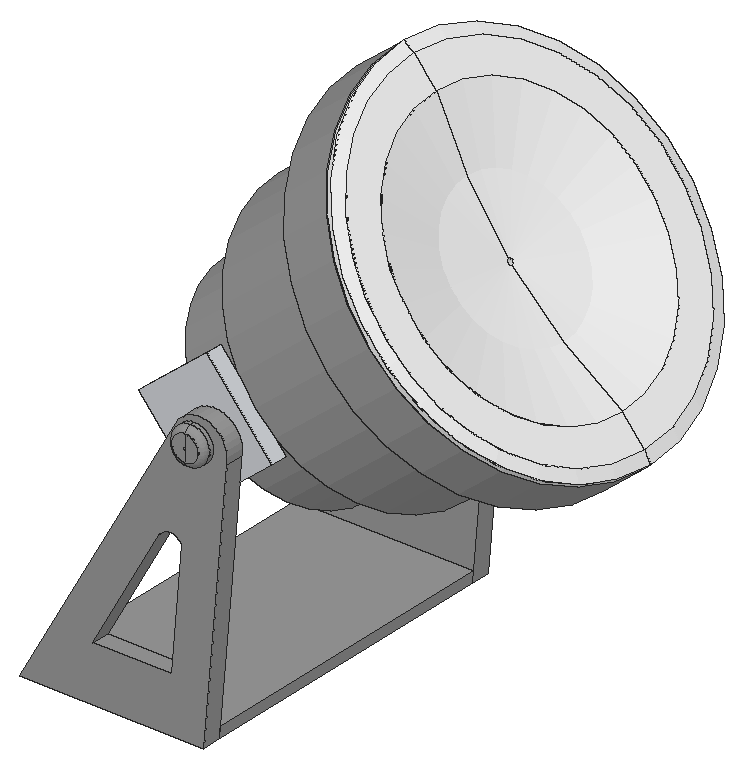
Revit family "Lighting_Outside_L&L-Luce&Light_Moby-P-1.1", category Lighting Fixtures, host Face, Revit 2020
Family settings
  Host = Face
  Round Connector Dimension = Use Diameter
  Part Type = Normal
  Cut with Voids When Loaded = No
  Light Source = No
  Shared = No
  Room Calculation Point = No
Parameters (values of type "MOBY P 1.1 W RGBW 9W 24Vdc")
  Nominal width = "Ø105 mm"
  Nominal height = "118 mm"
  Luce-Light_lumen-output-at-source = "507 lm (3000K),  RGBW: 295 lm, R: 47 lm G: 85 lm B: 24 lm W: 139 lm (4000K),  cyan: 260 lm"
  Luce-Light_Total_flow_rate = "359 lm (3000K, 34°);  RGBW: 208 lm, R: 33 lm, G: 61 lm, B: 16 lm, W: 98 lm (4000K, 34°);  cyan: 184 lm (34°)"
  Luce-Light_Screen_material = "glass cover with vitrified serigraphy"
  Luce-Light_Rated_power_input = ""
  Luce-Light_Power_Class = "24Vdc"
  Luce-Light_Power = "9W"
  Luce-Light_Optical_assembly = "22°, 34°, 62°, 31°x64°"
  Luce-Light_Note = ""
  Luce-Light_Mounting = "surface mounted (wall, floor), max depth 10 m"
  Luce-Light_LED_light_sources = "1 power LED group, RGBW: 1 power LED RGBW group, Cyan: 1 power LED Cyan group"
  Luce-Light_LED_light_intensity = ""
  Luce-Light_LED_colour = "2700K, 3000K, 4000K, RGBW, shades of cyan"
  Luce-Light_IP = "68"
  Luce-Light_IK = "10"
  Luce-Light_Finishes_material = ""
  Luce-Light_Color_Rendering_Index_CRI = "≥80"
  Luce-Light_Classification = "CE"
  Luce-Light_Body_material = "body in thermally conductive plastic, bracket in AISI 316L stainless steel"
  Luce-Light_Applications = "underwater"
  Luce-Light_Accessories = "honeycomb louvre"
  Bracket = L&L Luce&Light - AISI 316L stainless steel
  Cover = L&L Luce&Light - Glass
  Youtube clip = ""
  Uniformat II Description = ""
  Uniformat II Code = ""
  Uniclass 2015 Name = ""
  Uniclass 2015 Code = ""
  Uniclass 2.0 Description = ""
  Uniclass 2.0 Code = ""
  Uniclass 1.4 Description = ""
  Uniclass 1.4 Code = ""
  URL = "https://www.lucelight.it/en/"
  UNSPSC Code = ""
  Technical description = "https://www.lucelight.it/media/prodotti/st/ST_MOBY_P_11.pdf"
  Rotation Light [instance] = 40.00°
  Region South America = "AR, BO, BR, CL, CO, EC, FK, GF, GY, PE, PY, SR, UY, VE"
  Region Oceania = "AS, AU, CK, FJ, FM, GU, KI, MH, MP, NC, NF, NR, NU, NZ, PF, PG, PN, PW, SB, TK, TL, TO, TV, UM, WF, WS, VU"
  Region North America = "AG, AI, AW, BB, BL, BM, BQ, BS, BZ, CA, CR, CU, CW, DM, DO, GD, GL, GP, GT, HN, HT, JM, KN, KY, LC, MF, MQ, MS, MX, NI, PA, PM, PR, SV, SX, TC, TT, US, VC, VG, VI"
  Region Middle East = "AE, AF, BH, EG, IL, IQ, IR, JO, KW, LB, OM, PS, QA, SA, SY, TR, YE"
  Region Europe = "AD, AL, AT, AX, BA, BE, BG, BY, CH, CY, CZ, DE, DK, EE, ES, FI, FO, FR, GB, GG, GI, GR, HR, HU, IE, IM, IS, IT, JE, LI, LT, LU, LV, MC, MD, ME, MK, MT, NL, NO, PL, PT, RO, RS, RU, SE, SI, SJ, SK, SM, UA, VA"
  Region Asia = "AM, AZ, BD, BN, BT, CC, CN, CX, GE, HK, ID, IN, IO, JP, KG, KH, KP, KR, KZ, LA, LK, MM, MN, MO, MV, MY, NP, PH, PK, SG, TH, TJ, TM, TW, UZ, VN"
  Region Antarctica = "None"
  Region Africa = "AO, BF, BI, BJ, BW, CD, CF, CG, CI, CM, CV, DJ, DZ, EH, ER, ET, GA, GH, GM, GN, GQ, GW, KE, KM, LR, LS, LY, MA, MG, ML, MR, MU, MW, MZ, NA, NE, NG, RE, RW, SC, SD, SH, SL, SN, SO, SS, ST, SZ, TD, TG, TN, TZ, UG, YT, ZA, ZM, ZW"
  QR code = "http://bimobject.com/luce-and-light/product/Moby_P_11"
  Product url = "https://www.lucelight.it/en/prodotto.php/7632"
  Product group = "Projector"
  Product family = "Underwater"
  Product data url = "https://bimobject.com/luce-and-light/product/Moby_P_11"
  Product certification = ""
  Product SKU = "Moby_P_11"
  Product Guid = "62000cf3-46c4-4f47-8d59-c0930efea598"
  OmniClass Description = ""
  OmniClass Code = ""
  NBS Reference Description = ""
  NBS Reference Code = ""
  Masterformat 2014 Description = ""
  Masterformat 2014 Code = ""
  Manufacturer name = "L&L Luce&Light"
  Manufacturer country = "Italy"
  Installation instructions = "https://www.lucelight.it/media/prodotti/si/DPRPMO311_Moby_P_10-11-20-21-30-31.pdf"
  IFC Classification = ""
  GTIN code = ""
  Edition number = 1
  Design country = "Italy"
  Default Elevation = 1219.2 mm
  Manufacturer = "L&L Luce&Light"
  Model = "Moby P 1.1"
  Lamp = ""
  Diametro apparecchio = 157 mm
  Description = ""
  Wattage Comments = ""
  Date of publishing = "12/19/2018"
  built-in parameter 1114216 [instance] = (empty or 0)
  COBIe Type Category = ""
  BIMobject main category code = "lighting"
  BIMobject main category = "Lighting"
  BIMobject category code = "lighting-outside"
  BIMobject category = "Outside"
  Assembly Code = ""
  Apparent Load = 0 VA
  Material = L&L Luce&Light - Thermally conductive plastic
Types (20): name
  MOBY P 1.1 L 2700K 9W 24Vdc
  MOBY P 1.1 L 3000K 9W 24Vdc
  MOBY P 1.1 L 4000K 9W 24Vdc
  MOBY P 1.1 L CYAN 9W 24Vdc
  MOBY P 1.1 L RGBW 9W 24Vdc
  MOBY P 1.1 M 2700K 9W 24Vdc
  MOBY P 1.1 M 3000K 9W 24Vdc
  MOBY P 1.1 M 4000K 9W 24Vdc
  MOBY P 1.1 M CYAN 9W 24Vdc
  MOBY P 1.1 M RGBW 9W 24Vdc
  MOBY P 1.1 S 2700K 9W 24Vdc
  MOBY P 1.1 S 3000K 9W 24Vdc
  MOBY P 1.1 S 4000K 9W 24Vdc
  MOBY P 1.1 S CYAN 9W 24Vdc
  MOBY P 1.1 S RGBW 9W 24Vdc
  MOBY P 1.1 W 2700K 9W 24Vdc
  MOBY P 1.1 W 3000K 9W 24Vdc
  MOBY P 1.1 W 4000K 9W 24Vdc
  MOBY P 1.1 W CYAN 9W 24Vdc
  MOBY P 1.1 W RGBW 9W 24Vdc
Reference planes
  plane 1 "Centro (Fronte/Retro)": y = 0
  plane 2: z = 0
  plane 3 "Centro (Sinistra/Destra)": x = 0
  plane 4: z = 73.152
Forms (mm)
  Extrusion 1, solid, material "L&L Luce&Light - AISI 316L stainless steel" <- "Bracket"
    sketch origin (-0.279, 0, 0) x (1, 0, 0) y (0, 0, 1)
      loop
        line (-47.116, 0) -> (2.701, 0) -> (8.918, 71.068)
        arc (8.918, 71.068) -> (4.89, 79.391) -> (-4.16, 77.495) r 7.509
        line (-4.16, 77.495) -> (-47.116, 0)
      loop
        line (-9.163, 47.843) -> (-27.368, 15) -> (-6.025, 15) -> (-3.197, 47.321)
        arc (-3.197, 47.321) -> (-6.026, 49.345) -> (-9.163, 47.843) r 3.418
      loop
        circle (0.709, 73.154) r 4.106
    from 44.052 to 49.052
  Extrusion 2, solid, material "L&L Luce&Light - AISI 316L stainless steel" <- "Bracket"
    sketch origin (-0.279, 0, 0) x (1, 0, 0) y (0, 0, 1)
      loop
        line (-47.116, 0) -> (2.701, 0) -> (8.918, 71.068)
        arc (8.918, 71.068) -> (4.89, 79.391) -> (-4.16, 77.495) r 7.509
        line (-4.16, 77.495) -> (-47.116, 0)
      loop
        circle (0.709, 73.154) r 4.106
      loop
        line (-6.025, 15) -> (-3.197, 47.321)
        arc (-3.197, 47.321) -> (-6.026, 49.345) -> (-9.163, 47.843) r 3.418
        line (-9.163, 47.843) -> (-27.368, 15) -> (-6.025, 15)
    from -47.246 to -42.246
  Extrusion 3, solid, material "L&L Luce&Light - AISI 316L stainless steel" <- "Bracket"
    sketch origin (-1.871, 0, 0) x (1, 0, 0) y (0, 0, 1)
      loop
        line (4.292, 0) -> (4.568, 3.152) -> (-43.777, 3.152) -> (-45.525, 0) -> (4.292, 0)
    from -42.246 to 44.052
  Revolve 4, solid, material "Acciaio, qualità superiore"
    sketch origin (0, 0, 73.152) x (0.766044, 0, 0.642788) y (-0.642788, 0, 0.766044)
      loop
        line (-14.395, 30) -> (-14.395, 5) -> (49.868, 5)
        arc (49.868, 5) -> (52.221, 24.706) -> (64.868, 40) r 35.165
        line (64.868, 40) -> (64.868, 52) -> (49.868, 52) -> (49.868, 40) -> (12, 40) -> (12, 30) -> (-14.395, 30)
      axis (64.868, 0) -> (-14.395, 0)
    angle from 0 to 360
  Revolve 5, solid, material "L&L Luce&Light - Glass" <- "Cover"
    sketch origin (-11.589, 0, 63.428) x (0.766044, 0, 0.642788) y (-0.642788, 0, 0.766044)
      loop
        line (80, 52) -> (80, 40)
        arc (80, 40) -> (74.706, 20.719) -> (72.265, 0.874) r 137.461
        line (72.265, 0.874) -> (75.496, 0.874)
        arc (75.496, 0.874) -> (77.394, 20.41) -> (82.429, 39.381) r 120.884
        line (82.429, 39.381) -> (82.429, 48.668) -> (81.536, 52) -> (80, 52)
      axis (72.265, 0) -> (82.429, 0)
    angle from 0 to 360
  Revolve 6, solid, material "L&L Luce&Light - AISI 316L stainless steel" <- "Bracket"
    sketch origin (0, 0, 0.171) x (0, 1, 0) y (0, 0, 1)
      loop
        line (47.246, 78.149) -> (47.246, 73.466) -> (50.444, 73.466) -> (50.444, 76.723)
        arc (50.444, 76.723) -> (49.65, 77.757) -> (48.407, 78.149) r 2.168
        line (48.407, 78.149) -> (47.246, 78.149)
      axis (47.246, 73.152) -> (50.444, 73.152)
    angle from 0 to 360
  Revolve 7, solid, material "L&L Luce&Light - AISI 316L stainless steel" <- "Bracket"
    sketch origin (0, -1.845, 0.171) x (0, -1, 0) y (0, 0, 1)
      loop
        line (47.246, 78.149) -> (47.246, 73.466) -> (50.444, 73.466) -> (50.444, 76.723)
        arc (50.444, 76.723) -> (49.65, 77.757) -> (48.407, 78.149) r 2.168
        line (48.407, 78.149) -> (47.246, 78.149)
      axis (47.246, 73.152) -> (50.444, 73.152)
    angle from 0 to 360
  Extrusion 8, solid
    sketch origin (0, 0, 73.152) x (0.766044, 0, 0.642788) y (-0.642788, 0, 0.766044)
      loop
        line (12, 15.421) -> (-12, 15.421) -> (-12, -12) -> (12, -12) -> (12, 15.421)
    from 39.367 to 44.052
  Extrusion 9, solid
    sketch origin (0, 0, 73.152) x (0.766044, 0, 0.642788) y (-0.642788, 0, 0.766044)
      loop
        line (12, 15.421) -> (-12, 15.421) -> (-12, -12) -> (12, -12) -> (12, 15.421)
    from -42.246 to -38.155
Lines and regions (mm)
  reference lines
    curve 1: line (0, 0, 73.152) -> (61.284, 0, 124.575)
Dimensions and locks
  Extrusion 1 to Extrusion 2 = 86.298 mm
  locked: Extrusion 2 to Extrusion 2 at 5
  locked: Extrusion 1 to Extrusion 1 at 5
  locked: plane 4 to host face at 73.152
  "Rotation Light": angle plane 4 to curve 1
  aligned and locked: plane 2 to host face
  aligned and locked: level to host face
  aligned and locked: Extrusion 3 to Extrusion 2
  aligned and locked: Extrusion 3 to Extrusion 1
  aligned and locked: plane 4 to curve 1
  aligned and locked: plane 3 "Centro (Sinistra/Destra)" to curve 1
Automatic sketch dimensions
  host sketch curve to host sketch curve = 2438.4 mm  (x2)
  Extrusion 1 sketch curve to Extrusion 1 sketch curve = 0 mm  (x2)
  Extrusion 1 sketch curve to level = 0 mm
  Extrusion 1 sketch curve to plane 3 "Centro (Sinistra/Destra)" = 47.395 mm
  Extrusion 1 sketch curve to Extrusion 1 sketch curve = 19.748 mm
  Extrusion 1 sketch curve to plane 3 "Centro (Sinistra/Destra)" = 9.442 mm
  Extrusion 1 sketch curve to Extrusion 1 sketch curve = 2.839 mm
  Extrusion 1 sketch curve to plane 3 "Centro (Sinistra/Destra)" = 6.304 mm
  Extrusion 1 sketch curve to plane 3 "Centro (Sinistra/Destra)" = 4.439 mm
  Extrusion 1 sketch curve to Extrusion 1 sketch curve = 3.126 mm
  plane 4 to Extrusion 1 sketch curve = 0.002 mm
  plane 3 "Centro (Sinistra/Destra)" to Extrusion 1 sketch curve = 0.43 mm
  Extrusion 1 sketch curve to plane 4 = 0.501 mm
  Extrusion 1 sketch curve to Extrusion 1 sketch curve = 0.869 mm
  plane 3 "Centro (Sinistra/Destra)" to Extrusion 1 sketch curve = 2.422 mm
  Extrusion 1 sketch curve to plane 4 = 2.084 mm
  Extrusion 1 sketch curve to Extrusion 1 sketch curve = 7.34 mm
  level to Extrusion 1 sketch curve = 15 mm
  Extrusion 1 sketch curve to plane 4 = 27.213 mm
  Extrusion 1 sketch curve to Extrusion 1 sketch curve = 1.382 mm
  Extrusion 1 sketch curve to plane 3 "Centro (Sinistra/Destra)" = 3.676 mm
  Extrusion 2 sketch curve to level = 0 mm
  Extrusion 2 sketch curve to plane 3 "Centro (Sinistra/Destra)" = 47.395 mm
  Extrusion 2 sketch curve to Extrusion 2 sketch curve = 19.748 mm
  Extrusion 2 sketch curve to plane 3 "Centro (Sinistra/Destra)" = 9.442 mm
  Extrusion 2 sketch curve to Extrusion 2 sketch curve = 2.839 mm
  Extrusion 2 sketch curve to plane 3 "Centro (Sinistra/Destra)" = 6.304 mm
  Extrusion 2 sketch curve to plane 3 "Centro (Sinistra/Destra)" = 4.439 mm
  Extrusion 2 sketch curve to Extrusion 2 sketch curve = 3.126 mm
  plane 4 to Extrusion 2 sketch curve = 0.002 mm
  plane 3 "Centro (Sinistra/Destra)" to Extrusion 2 sketch curve = 0.43 mm
  Extrusion 2 sketch curve to plane 4 = 0.501 mm
  Extrusion 2 sketch curve to Extrusion 2 sketch curve = 0.869 mm
  plane 3 "Centro (Sinistra/Destra)" to Extrusion 2 sketch curve = 2.422 mm
  Extrusion 2 sketch curve to plane 4 = 2.084 mm
  Extrusion 2 sketch curve to Extrusion 2 sketch curve = 7.34 mm
  level to Extrusion 2 sketch curve = 15 mm
  Extrusion 2 sketch curve to plane 4 = 27.213 mm
  Extrusion 2 sketch curve to Extrusion 2 sketch curve = 1.382 mm
  Extrusion 3 sketch curve to level = 0 mm
  Extrusion 3 sketch curve to plane 3 "Centro (Sinistra/Destra)" = 47.395 mm
  level to Extrusion 3 sketch curve = 3.152 mm
  Extrusion 3 sketch curve to Extrusion 3 sketch curve = 1.747 mm
  plane 3 "Centro (Sinistra/Destra)" to Extrusion 3 sketch curve = 2.422 mm
  plane 3 "Centro (Sinistra/Destra)" to Extrusion 3 sketch curve = 2.698 mm
  curve 1 to Revolve 5 sketch curve = 0 mm
  Revolve 5 sketch curve to curve 1 = 15.128 mm
  curve 1 to Revolve 5 sketch curve = 40 mm
  curve 1 to Revolve 5 sketch curve = 52 mm
  Revolve 5 sketch curve to curve 1 = 0.874 mm
  Revolve 5 sketch curve to curve 1 = 19.633 mm
  Revolve 5 sketch curve to Revolve 5 sketch curve = 3.23 mm
  Revolve 5 sketch curve to Revolve 5 sketch curve = 1.536 mm
  Revolve 5 sketch curve to curve 1 = 12.699 mm
  curve 1 to Revolve 5 sketch curve = 1.012 mm
  curve 1 to Revolve 5 sketch curve = 101.237 mm
  curve 1 to Revolve 5 sketch curve = 5.939 mm
  curve 1 to Revolve 5 sketch curve = 48.668 mm
  Revolve 5 sketch curve to Revolve 5 sketch curve = 0.01 mm
  Revolve 5 sketch curve to Revolve 5 sketch curve = 0.041 mm
  plane 4 to Revolve 6 sketch curve = 5.168 mm
  Revolve 6 sketch curve to plane 1 "Centro (Fronte/Retro)" = 47.246 mm
  Revolve 6 sketch curve to Revolve 6 sketch curve = 1.161 mm
  Revolve 6 sketch curve to Revolve 6 sketch curve = 2.037 mm
  Revolve 6 sketch curve to Revolve 6 sketch curve = 1.426 mm
  plane 4 to Revolve 6 sketch curve = 0.485 mm
  plane 4 to Revolve 6 sketch curve = 0.171 mm
  Revolve 6 sketch curve to Revolve 6 sketch curve = 1.264 mm
  Revolve 6 sketch curve to Revolve 6 sketch curve = 0.075 mm
  Revolve 7 sketch curve to plane 4 = 5.168 mm
  Revolve 7 sketch curve to plane 1 "Centro (Fronte/Retro)" = 49.091 mm
  Revolve 7 sketch curve to Revolve 7 sketch curve = 1.161 mm
  Revolve 7 sketch curve to Revolve 7 sketch curve = 2.037 mm
  Revolve 7 sketch curve to Revolve 7 sketch curve = 1.426 mm
  Revolve 7 sketch curve to plane 4 = 0.485 mm
  Revolve 7 sketch curve to plane 4 = 0.171 mm
  Revolve 7 sketch curve to Revolve 7 sketch curve = 1.264 mm
  Revolve 7 sketch curve to Revolve 7 sketch curve = 0.075 mm
  Extrusion 8 sketch curve to curve 1 = 12 mm
  curve 1 to Extrusion 8 sketch curve = 12 mm  (x2)
  curve 1 to Extrusion 8 sketch curve = 15.421 mm
  Extrusion 9 sketch curve to curve 1 = 12 mm
  curve 1 to Extrusion 9 sketch curve = 12 mm  (x2)
  curve 1 to Extrusion 9 sketch curve = 15.421 mm
  Revolve 4 sketch curve to curve 1 = 0 mm
  Revolve 4 sketch curve to curve 1 = 14.395 mm
  curve 1 to Revolve 4 sketch curve = 12 mm
  Revolve 4 sketch curve to curve 1 = 30.132 mm  (x2)
  Revolve 4 sketch curve to curve 1 = 5 mm
  Revolve 4 sketch curve to Revolve 4 sketch curve = 15 mm
  curve 1 to Revolve 4 sketch curve = 4.542 mm
  curve 1 to Revolve 4 sketch curve = 10.854 mm
  curve 1 to Revolve 4 sketch curve = 30 mm
  Revolve 4 sketch curve to Revolve 4 sketch curve = 10 mm
  Revolve 4 sketch curve to Revolve 4 sketch curve = 12 mm
  curve 1 to Revolve 4 sketch curve = 24.868 mm
  Revolve 4 sketch curve to Revolve 4 sketch curve = 5 mm
  radius of Extrusion 2 sketch curve = 4.106 mm
Nested families
  nested 1: "Famiglia1" at (46.158, -0.935, 112.06) x (-0.6361, 0.1436, 0.7581) z (0.7674, 0.016, 0.6409), type "MOBY P 1.1 W RGBW 9W 24Vdc"
Definition of nested family "Famiglia1"
  Parameters (values of type "MOBY P 1.1 L 2700K 9W 24Vdc")
    Wattage = 9 W
    Emit from Circle Diameter = 104 mm  # constant formula
    Emit Shape Visible in Rendering = no
    Dimming Lamp Color Temperature Shift = (empty or 0)
    built-in parameter 1150107 = 2700 (stored number, unit not read)
    Default Elevation = 1219.2 mm
    built-in parameter 1150110 = 1 (stored number, unit not read)
    built-in parameter 1150109 = 1 (stored number, unit not read)
    built-in parameter 1114218 = 1 (stored number, unit not read)
    built-in parameter 1150112 = 1 (stored number, unit not read)
    built-in parameter 1150137 = (empty or 0)
    built-in parameter 1150132 = (empty or 0)
    built-in parameter 1150105 = 40.343 (stored number, unit not read)
    built-in parameter 1150102 = (empty or 0)
    built-in parameter 1150106 = 0.40343 (stored number, unit not read)
    Lumens = 506.97 lm
    Color Filter = 16777215
    Photometric Web File = "MOBY P 1.1 L [2700K 9W 24Vdc].IES"
    built-in parameter 1114217 = 1 (stored number, unit not read)
    built-in parameter 1150139 = (empty or 0)
    built-in parameter 1150104 = 5.2332 (stored number, unit not read)
    built-in parameter 1150115 = 1 (stored number, unit not read)
    built-in parameter 1150114 = 1 (stored number, unit not read)
    built-in parameter 1150113 = 1 (stored number, unit not read)
    built-in parameter 1150134 = (empty or 0)
    built-in parameter 1150138 = (empty or 0)
    Tilt Angle = 90.00°
    built-in parameter 1150133 = 10 (stored number, unit not read)
  Types (20, lengths in mm): name | built-in parameter 1150107 | Photometric Web File | built-in parameter 1150134
    MOBY P 1.1 L 2700K 9W 24Vdc | 2700 (stored number, unit not read) | "MOBY P 1.1 L [2700K 9W 24Vdc].IES" | (empty or 0)
    MOBY P 1.1 L 3000K 9W 24Vdc | 3000 (stored number, unit not read) | "MOBY P 1.1 L [3000K 9W 24Vdc].IES" | (empty or 0)
    MOBY P 1.1 L 4000K 9W 24Vdc | 4000 (stored number, unit not read) | "MOBY P 1.1 L [4000K 9W 24Vdc].IES" | 12
    MOBY P 1.1 L CYAN 9W 24Vdc | 2700 (stored number, unit not read) | "MOBY P 1.1 L [CYAN 9W 24Vdc].IES" | (empty or 0)
    MOBY P 1.1 L RGBW 9W 24Vdc | 2700 (stored number, unit not read) | "MOBY P 1.1 L [RGBW 9W 24Vdc].IES" | (empty or 0)
    MOBY P 1.1 M 2700K 9W 24Vdc | 2700 (stored number, unit not read) | "MOBY P 1.1 M [2700K 9W 24Vdc].IES" | (empty or 0)
    MOBY P 1.1 M 3000K 9W 24Vdc | 3000 (stored number, unit not read) | "MOBY P 1.1 M [3000K 9W 24Vdc].IES" | (empty or 0)
    MOBY P 1.1 M 4000K 9W 24Vdc | 4000 (stored number, unit not read) | "MOBY P 1.1 M [4000K 9W 24Vdc].IES" | 12
    MOBY P 1.1 M CYAN 9W 24Vdc | 2700 (stored number, unit not read) | "MOBY P 1.1 M [CYAN 9W 24Vdc].IES" | (empty or 0)
    MOBY P 1.1 M RGBW 9W 24Vdc | 2700 (stored number, unit not read) | "MOBY P 1.1 M [RGBW 9W 24Vdc].IES" | (empty or 0)
    MOBY P 1.1 S 2700K 9W 24Vdc | 2700 (stored number, unit not read) | "MOBY P 1.1 S [2700K 9W 24Vdc].IES" | (empty or 0)
    MOBY P 1.1 S 3000K 9W 24Vdc | 3000 (stored number, unit not read) | "MOBY P 1.1 S [3000K 9W 24Vdc].IES" | (empty or 0)
    MOBY P 1.1 S 4000K 9W 24Vdc | 4000 (stored number, unit not read) | "MOBY P 1.1 S [4000K 9W 24Vdc].IES" | 12
    MOBY P 1.1 S CYAN 9W 24Vdc | 2700 (stored number, unit not read) | "MOBY P 1.1 S [CYAN 9W 24Vdc].IES" | (empty or 0)
    MOBY P 1.1 S RGBW 9W 24Vdc | 2700 (stored number, unit not read) | "MOBY P 1.1 S [RGBW 9W 24Vdc].IES" | (empty or 0)
    MOBY P 1.1 W 2700K 9W 24Vdc | 2700 (stored number, unit not read) | "MOBY P 1.1 W [2700K 9W 24Vdc].IES" | (empty or 0)
    MOBY P 1.1 W 3000K 9W 24Vdc | 3000 (stored number, unit not read) | "MOBY P 1.1 W [3000K 9W 24Vdc].IES" | (empty or 0)
    MOBY P 1.1 W 4000K 9W 24Vdc | 4000 (stored number, unit not read) | "MOBY P 1.1 W [4000K 9W 24Vdc].IES" | 12
    MOBY P 1.1 W CYAN 9W 24Vdc | 2700 (stored number, unit not read) | "MOBY P 1.1 W [CYAN 9W 24Vdc].IES" | (empty or 0)
    MOBY P 1.1 W RGBW 9W 24Vdc | 2700 (stored number, unit not read) | "MOBY P 1.1 W [RGBW 9W 24Vdc].IES" | (empty or 0)
  Reference planes
    plane 1 "Centro (Fronte/Retro)": y = 0
    plane 2: z = 0
    plane 3 "Centro (Sinistra/Destra)": x = 0
    plane 4: z = 5.069
  Forms (mm)
    Extrusion 1, solid
      sketch origin (0, 0, 0) x (1, 0, 0) y (0, 1, 0)
        loop
          line (-1219.2, 1219.2) -> (-1219.2, -1219.2) -> (1219.2, -1219.2) -> (1219.2, 1219.2) -> (-1219.2, 1219.2)
      from 0 to -304.8
  Dimensions and locks
    aligned and locked: plane 2 to Extrusion 1
    aligned and locked: level to Extrusion 1
    aligned and locked: plane 4 to imposter light
